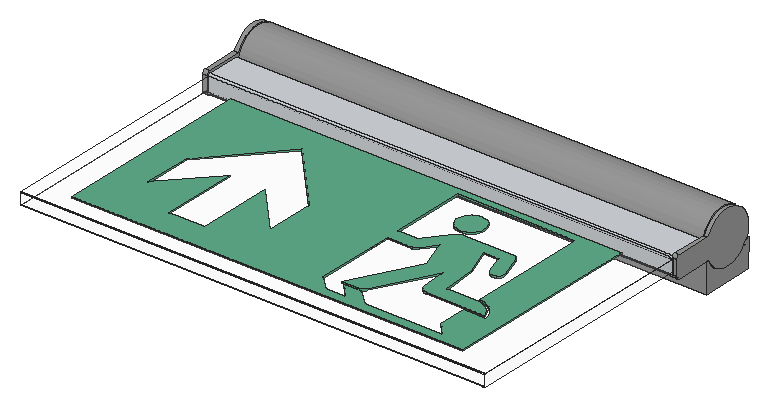
Revit family "0032000", category Lighting Fixtures, host Face, Revit 2017
Family settings
  Host = Face
  Round Connector Dimension = Use Diameter
  Part Type = Normal
  OmniClass Number = 23.80.70.00
  OmniClass Title = Lighting
  Cut with Voids When Loaded = No
  Light Source = No
  Shared = No
  Room Calculation Point = No
Parameters (values of type "0032000 START EM EXIT SURFACE MT M 3H Arrow Up")
  Width_SYL = 34 mm
  Weight = "n/a"
  Wattage Comments = ""
  WarrantyStartDate [instance] = "n/a"
  WarrantyGuarantorParts = "n/a"
  WarrantyDurationUnit = "n/a"
  WarrantyDurationParts = "n/a"
  WarrantyDescription = "n/a"
  Voltage = 230 V
  URL = "http://www.sylvania-lighting.com"
  TypeName = "START Emergency Exit Surface MT M 3h"
  Type Image = <None>
  Type Comments = "n/a"
  SerialNumber [instance] = "n/a"
  RotationAngle_SYL [instance] = -90.00°
  RotatableArmThickness_SYL = 3 mm
  RadiusBody_SYL = Width_SYL / 2  # 17 mm
  Material_3_SYL = none
  PowerFactor = 0.49
  PowerConsumption = "2.0 W"
  NominalLength = 0 mm
  NominalHeight = 0 mm
  NominalDepth = 0 mm
  Name = "START Emergency Exit Surface MT M 3h"
  ModelReference = Name  # "START Emergency Exit Surface MT M 3h"
  ModelNumber = "0032000"
  Model = Name  # "START Emergency Exit Surface MT M 3h"
  Material = "n/a"
  ManufacturerName = "Feilo Sylvania"
  Manufacturer = "Feilo Sylvania"
  LuminousEfficacy = "12 lm/W"
  LuminaireType = ""
  LightOutputRatio = "n/a"
  Length_SYL = 308 mm
  LampsType = Lamp  # "LED"
  LampNominalLuminous = "24 lm"
  LampMacAdamStep = "n/a"
  LampColourTemperature = "6500 K"
  LampColourRenderingIndex = "70"
  Lamp = "LED"
  Keynote = "16500"
  InstallationDate [instance] = "n/a"
  InputVoltage = "220-240V~"
  InputNominalFrequency = "50/60 Hz"
  IngressProtection = "IP20"
  ImpactProtectionIndex = "IK02"
  IfcExportType = "IfcLightFixtureType"
  IfcExportAs = "IfcLightFixtureType"
  EndAngle_SYL [instance] = RotationAngle_SYL + 180.00°  # 90.00°
  ElectricShockClassification = "Class II"
  DurationUnit = "hours"
  DocumentationLiterature = "http://www.sylvania-lighting.com/product/en-int/products/0032000"
  DimmingControlOptions = "Non dimmable"
  Material_2_SYL = none
  Description = ""
  Default Elevation = 1219.2 mm
  CreatedOn = "1/24/2019"
  CreatedBy = "@sylvania-lighting.com"
  Cost = 0
  built-in parameter 1114216 [instance] = (empty or 0)
  ClassificationValue = "EF_70_80"
  ClassificationName = "Uniclass2015"
  Material_1_SYL = PC/ABS Plastic
  BarCode [instance] = "n/a"
  AssetType = "Fixed"
  AssetIdentifier [instance] = "n/a"
  Assembly Code = "D5020200"
  ArrowDirection_SYL = Tiltable EXIT Sign : Exit Arrow Up
  Apparent Load = 2 VA
  Material_4_SYL = none
Types (4, lengths in mm): name | ArrowDirection_SYL
  0032000 START EM EXIT SURFACE MT M 3H Arrow Right | Tiltable EXIT Sign : Exit Arrow Right
  0032000 START EM EXIT SURFACE MT M 3H Arrow Left | Tiltable EXIT Sign : Exit Arrow Left
  0032000 START EM EXIT SURFACE MT M 3H Arrow Up | Tiltable EXIT Sign : Exit Arrow Up
  0032000 START EM EXIT SURFACE MT M 3H Arrow Down | Tiltable EXIT Sign : Exit Arrow Down
Reference planes
  plane 1 "Center (Front/Back)": y = 0
  plane 2: z = 0
  plane 3 "Center (Left/Right)": x = 0
  plane 4: y = 17
  plane 5: y = -17
  plane 6: z = 25.937
  plane 7: x = -154
  plane 8: x = 154
  plane 9: x = -151
  plane 10: x = 151
  plane 11: z = 18.937
Forms (mm)
  Extrusion 1, solid, material "PC/ABS Plastic" <- "Material_1_SYL"
    sketch origin (0, 0, 0) x (0, 1, 0) y (0, 0, 1)
      loop
        line (-17, 0) -> (17, 0) -> (17, 25.937)
        arc (17, 25.937) -> (0, 42.937) -> (-17, 25.937) r 17
        line (-17, 25.937) -> (-17, 0)
    from -154 to 154
  Extrusion 2, void
    sketch origin (0, 0, 0) x (0, 1, 0) y (0, 0, 1)
      loop
        arc (-15.492, 18.937) -> (0, 8.937) -> (15.492, 18.937) r 17
        line (15.492, 18.937) -> (17, 18.937) -> (17, 25.937)
        arc (17, 25.937) -> (0, 42.937) -> (-17, 25.937) r 17
        line (-17, 25.937) -> (-17, 18.937) -> (-15.492, 18.937)
    from 151 to 154
  Extrusion 3, void
    sketch origin (0, 0, 0) x (0, 1, 0) y (0, 0, 1)
      loop
        arc (-15.492, 18.937) -> (0, 8.937) -> (15.492, 18.937) r 17
        line (15.492, 18.937) -> (17, 18.937) -> (17, 25.937)
        arc (17, 25.937) -> (0, 42.937) -> (-17, 25.937) r 17
        line (-17, 25.937) -> (-17, 18.937) -> (-15.492, 18.937)
    from -154 to -151
  Revolve 4, solid, not visible
    sketch origin (0, 1219.2, 25.937) x (1, 0, 0) y (0, 1, 0)
      loop
        line (0, -1219.2) -> (0, -1209.2) -> (-54.574, -1209.2) -> (-54.574, -1219.2) -> (0, -1219.2)
      axis (0, -1219.2) -> (-54.574, -1219.2)
    angle from -90 <- "RotationAngle_SYL" to 90 <- "EndAngle_SYL"
Cuts and joins
  Extrusion 2, Extrusion 3 cuts Extrusion 1
Lines and regions (mm)
  reference lines
    curve 1: circle (0, 0, 25.937) r 17 normal (1, 0, 0)
Dimensions and locks
  locked: plane 6 to plane 2 at 25.938
  equal spacing: plane 5, plane 1 "Center (Front/Back)", plane 4
  "Width_SYL": plane 5 to plane 4
  equal spacing: plane 8, plane 3 "Center (Left/Right)", plane 7
  equal spacing: plane 10, plane 3 "Center (Left/Right)", plane 9
  "Length_SYL": plane 8 to plane 7
  "RotatableArmThickness_SYL": plane 9 to plane 7
  locked: plane 11 to plane 6 at 7
  "RadiusBody_SYL": radius of curve 1
  aligned and locked: plane 2 to host face
  aligned and locked: level to host face
  aligned and locked: plane 1 "Center (Front/Back)" to curve 1
  aligned and locked: plane 6 to curve 1
  aligned and locked: Extrusion 1 sketch curve to level
  aligned and locked: Extrusion 1 sketch curve to plane 4
  aligned and locked: Extrusion 1 sketch curve to curve 1
  aligned and locked: plane 8 to Extrusion 1
  aligned and locked: Extrusion 1 to plane 7
  aligned and locked: plane 8 to Extrusion 2
  aligned and locked: Extrusion 2 to plane 10
  aligned and locked: Extrusion 3 to plane 7
  aligned and locked: plane 9 to Extrusion 3
  aligned and locked: Extrusion 3 sketch curve to curve 1
  aligned and locked: Extrusion 3 sketch curve to plane 4
  aligned and locked: Extrusion 3 sketch curve to plane 5
  aligned and locked: Extrusion 3 sketch curve to plane 11
  aligned and locked: Extrusion 2 sketch curve to curve 1
  aligned and locked: Extrusion 2 sketch curve to plane 4
  aligned and locked: Extrusion 2 sketch curve to plane 5
  aligned and locked: Extrusion 2 sketch curve to plane 11
  aligned and locked: plane 11 to Extrusion 2 sketch curve
  aligned and locked: Extrusion 2 sketch curve to cut or joined group of Extrusion 1, Extrusion 2, Extrusion 3
  aligned and locked: Revolve 4 sketch curve to plane 1 "Center (Front/Back)"
  aligned and locked: Revolve 4 sketch curve to curve 1  (x2)
  aligned and locked: plane 3 "Center (Left/Right)" to Revolve 4
Automatic sketch dimensions
  host sketch curve to host sketch curve = 2438.4 mm  (x2)
  plane 6 to Extrusion 1 sketch curve = 0 mm
  plane 11 to Extrusion 3 sketch curve = 0 mm  (x2)
  Extrusion 3 sketch curve to plane 6 = 0 mm
  Extrusion 3 sketch curve to Extrusion 3 sketch curve = 0 mm
  plane 1 "Center (Front/Back)" to Revolve 4 sketch curve = 0 mm
  Revolve 4 sketch curve to plane 3 "Center (Left/Right)" = 54.574 mm
  plane 4 to Revolve 4 sketch curve = 7 mm
  Revolve 4 sketch curve to plane 7 = 1370 mm
  plane 8 to Revolve 4 sketch curve = 1370 mm
Nested families
  nested 1: "Tiltable EXIT Sign" at (0, 0, 25.938) x (-1, 0, 0) z (0, -1, 0), type <- "ArrowDirection_SYL", type "Exit Arrow Up"
    with built-in parameter 1114216 (empty or 0)
Definition of nested family "Tiltable EXIT Sign"
  Parameters (values of type "Exit Arrow Down")
    WidthArmSign_SYL = 34 mm
    Wattage Comments = "n/a"
    Wattage = 2 W
    built-in parameter 1150110 = 1 (stored number, unit not read)
    Up_SYL = no
    URL = "http://www.sylvania-lighting.com"
    Type Image = (empty or 0)
    Type Comments = "n/a"
    built-in parameter 1114217 = 1 (stored number, unit not read)
    ThicknessLabel_SYL = 0.8 mm
    ThicknessArmSign_SYL = 3 mm
    built-in parameter 1150109 = 1 (stored number, unit not read)
    built-in parameter 1150134 = 1
    built-in parameter 1150113 = 1 (stored number, unit not read)
    Right_SYL = no
    RadiusArmSign_SYL = WidthArmSign_SYL / 2  # 17 mm
    Material_3_SYL = none
    Model = ""
    Manufacturer = "Feilo Sylvania"
    built-in parameter 1150105 = 7.6394 (stored number, unit not read)
    Lumens = 24 lm
    built-in parameter 1150115 = 1 (stored number, unit not read)
    Light Source Symbol Size = 100 mm
    built-in parameter 1150137 = (empty or 0)
    built-in parameter 1150139 = (empty or 0)
    LengthSign_SYL = 308 mm
    Left_SYL = no
    built-in parameter 1150112 = 1 (stored number, unit not read)
    built-in parameter 1150114 = 1 (stored number, unit not read)
    Lamp = "LED"
    Keynote = "16500"
    Material_2_SYL = none
    built-in parameter 1150132 = (empty or 0)
    built-in parameter 1150102 = (empty or 0)
    built-in parameter 1150107 = 6500 (stored number, unit not read)
    built-in parameter 1150138 = (empty or 0)
    built-in parameter 1150106 = 0.076394 (stored number, unit not read)
    Emit from Line Length = LengthSign_SYL - 2 * ThicknessArmSign_SYL  # 302 mm
    built-in parameter 1150104 = 1.1148 (stored number, unit not read)
    Down_SYL = yes
    Dimming Lamp Color Temperature Shift = (empty or 0)
    Description = ""
    Default Elevation = 1219.2 mm
    Cost = 0
    Color Filter = 16777215
    built-in parameter 1114216 [instance] = (empty or 0)
    Material_1_SYL = none
    built-in parameter 1114218 = 1 (stored number, unit not read)
    built-in parameter 1150133 = 10 (stored number, unit not read)
    Assembly Code = "D5020200"
    Apparent Load = 0 VA
    Material_4_SYL = none
  Types (4, lengths in mm): name | Up_SYL | Right_SYL | Left_SYL | Down_SYL | Apparent Load
    Exit Arrow Right | no | yes | no | no | 2.2 VA
    Exit Arrow Left | no | no | yes | no | 2.2 VA
    Exit Arrow Up | yes | no | no | no | 2.2 VA
    Exit Arrow Down | no | no | no | yes | 0 VA
  Reference planes
    plane 1 "Center (Front/Back)": y = 0
    plane 2: z = 0
    plane 3 "Center (Left/Right)": x = 0
    plane 4: x = 154
    plane 5: x = -154
    plane 6: x = -151
    plane 7: x = 151
    plane 8: y = 17
    plane 9: y = -17
    plane 10: y = -7
    plane 11: y = 7
    plane 12: z = 40.75
    plane 13: z = 192.937
    plane 14: y = 4
    plane 15: y = -4
    plane 16: z = 17.812
    plane 17: y = -6
    plane 18: y = 6
    plane 19: x = -127
    plane 20: x = 127
    plane 21: z = 116.844
    plane 22: z = 181.344
    plane 23: z = 52.344
    plane 24: x = 69
    plane 25: y = -4.8
  Forms (mm)
    Extrusion 1, solid
      sketch origin (4.2, 0, 0) x (1, 0, 0) y (0, 1, 0)
        loop
          line (-1219.2, 1219.2) -> (-1219.2, -1219.2) -> (1219.2, -1219.2) -> (1219.2, 1219.2) -> (-1219.2, 1219.2)
      from 0 to -68.017
    Extrusion 2, solid, material <- "Material_1_SYL"
      sketch origin (0, 0, 0) x (0, 1, 0) y (0, 0, 1)
        loop
          arc (-7, 15.492) -> (0, -17) -> (7, 15.492) r 17
          line (7, 15.492) -> (7, 38.75)
          arc (7, 38.75) -> (6.414, 40.164) -> (5, 40.75) r 2
          line (5, 40.75) -> (-5, 40.75)
          arc (-5, 40.75) -> (-6.414, 40.164) -> (-7, 38.75) r 2
          line (-7, 38.75) -> (-7, 15.492)
      from 151 to 154
    Extrusion 3, solid, material <- "Material_1_SYL"
      sketch origin (0, 0, 0) x (0, 1, 0) y (0, 0, 1)
        loop
          line (7, 15.492) -> (7, 38.75)
          arc (7, 38.75) -> (6.414, 40.164) -> (5, 40.75) r 2
          line (5, 40.75) -> (-5, 40.75)
          arc (-5, 40.75) -> (-6.414, 40.164) -> (-7, 38.75) r 2
          line (-7, 38.75) -> (-7, 15.492)
          arc (-7, 15.492) -> (0, -17) -> (7, 15.492) r 17
      from -154 to -151
    Extrusion 4, solid
      sketch origin (0, 0, 0) x (0, 1, 0) y (0, 0, 1)
        loop
          arc (-5, 40.75) -> (-5.707, 40.457) -> (-6, 39.75) r 1
          line (-6, 39.75) -> (-6, 17.812) -> (6, 17.812) -> (6, 39.75)
          arc (6, 39.75) -> (5.707, 40.457) -> (5, 40.75) r 1
          line (5, 40.75) -> (-5, 40.75)
      from -151 to 151
    Extrusion 5, solid, material <- "Material_3_SYL"
      sketch origin (0, 0, 0) x (0, 1, 0) y (0, 0, 1)
        loop
          line (-4, 40.75) -> (4, 40.75) -> (4, 192.437)
          arc (4, 192.437) -> (3.854, 192.791) -> (3.5, 192.937) r 0.5
          line (3.5, 192.937) -> (-3.5, 192.937)
          arc (-3.5, 192.937) -> (-3.854, 192.791) -> (-4, 192.437) r 0.5
          line (-4, 192.437) -> (-4, 40.75)
      from -151 to 151
    Extrusion 6, solid, material <- "Material_2_SYL", visible <- "Left_SYL"
      sketch origin (351.989, -4, 160.163) x (0, 0, -1) y (1, 0, 0)
        loop
          circle (83.224, -400.985) r 8.928
        loop
          line (103.064, -376.624) -> (54.298, -376.624) -> (54.298, -389.842) -> (68.839, -400.8)
          arc (68.839, -400.8) -> (70.752, -403.1) -> (71.438, -406.013) r 6.527
          line (71.438, -406.013) -> (71.438, -437.202)
          arc (71.438, -437.202) -> (70.533, -440.07) -> (68.148, -441.9) r 5
          line (68.148, -441.9) -> (54.122, -447.006)
          arc (54.122, -447.006) -> (48.704, -444.479) -> (51.23, -439.062) r 4.227
          line (51.23, -439.062) -> (63.917, -434.444) -> (63.917, -424.745) -> (45.498, -431.449) -> (22.611, -433.451) -> (22.611, -453.451)
          arc (22.611, -453.451) -> (20.093, -461.05) -> (13.536, -465.642) r 12.726
          line (13.536, -465.642) -> (13.536, -427.917)
          arc (13.536, -427.917) -> (14.85, -424.539) -> (18.101, -422.936) r 5
          line (18.101, -422.936) -> (34.389, -421.511) -> (-1.786, -402.276)
          arc (-1.786, -402.276) -> (-3.724, -400.437) -> (-4.439, -397.862) r 5
          line (-4.439, -397.862) -> (-4.439, -387.433) -> (36.957, -409.444) -> (56.364, -402.38) -> (48.001, -396.079)
          arc (48.001, -396.079) -> (46.372, -394.119) -> (45.788, -391.639) r 5.559
          line (45.788, -391.639) -> (45.788, -376.624) -> (-6.717, -376.624) -> (-15.183, -385.09) -> (-15.183, -398.574) -> (-6.18, -389.57) -> (-6.18, -399.078)
          arc (-6.18, -399.078) -> (-6.609, -401.235) -> (-7.83, -403.063) r 5.636
          line (-7.83, -403.063) -> (-15.183, -410.416) -> (-15.183, -461.609) -> (-7.025, -453.451) -> (11.73, -453.451) -> (11.73, -468.109)
          arc (11.73, -468.109) -> (20.743, -463.076) -> (24.473, -453.451) r 15.223
          line (24.473, -453.451) -> (103.064, -453.451) -> (103.064, -376.624)
        loop
          line (107.819, -224.989) -> (-21.181, -224.989) -> (-21.181, -478.989) -> (107.819, -478.989) -> (107.819, -224.989)
        loop
          line (54.815, -332.184) -> (54.815, -282.989) -> (82.944, -314.229) -> (82.944, -282.989) -> (43.319, -238.982) -> (3.695, -282.989) -> (3.695, -314.229) -> (31.823, -282.989) -> (31.823, -332.184) -> (54.815, -332.184)
      from 0 to 0.8
    Extrusion 7, solid, material <- "Material_2_SYL", visible <- "Up_SYL"
      sketch origin (0, -4, -609.6) x (0, 0, -1) y (1, 0, 0)
        loop
          line (-784.946, -33.101) -> (-784.946, -46.585) -> (-775.943, -37.581) -> (-775.943, -47.089)
          arc (-775.943, -47.089) -> (-776.372, -49.246) -> (-777.593, -51.074) r 5.636
          line (-777.593, -51.074) -> (-784.946, -58.427) -> (-784.946, -109.62) -> (-776.788, -101.462) -> (-758.032, -101.462) -> (-758.032, -116.12)
          arc (-758.032, -116.12) -> (-749.02, -111.087) -> (-745.29, -101.462) r 15.223
          line (-745.29, -101.462) -> (-666.699, -101.462) -> (-666.699, -24.635) -> (-715.465, -24.635) -> (-715.465, -37.853) -> (-700.924, -48.811)
          arc (-700.924, -48.811) -> (-699.011, -51.111) -> (-698.325, -54.024) r 6.527
          line (-698.325, -54.024) -> (-698.325, -85.213)
          arc (-698.325, -85.213) -> (-699.23, -88.081) -> (-701.615, -89.912) r 5
          line (-701.615, -89.912) -> (-715.641, -95.017)
          arc (-715.641, -95.017) -> (-721.059, -92.49) -> (-718.533, -87.073) r 4.227
          line (-718.533, -87.073) -> (-705.846, -82.455) -> (-705.846, -72.756) -> (-724.265, -79.46) -> (-747.152, -81.462) -> (-747.152, -101.462)
          arc (-747.152, -101.462) -> (-749.67, -109.061) -> (-756.227, -113.653) r 12.726
          line (-756.227, -113.653) -> (-756.227, -75.928)
          arc (-756.227, -75.928) -> (-754.913, -72.55) -> (-751.662, -70.947) r 5
          line (-751.662, -70.947) -> (-735.374, -69.522) -> (-771.549, -50.287)
          arc (-771.549, -50.287) -> (-773.487, -48.448) -> (-774.202, -45.873) r 5
          line (-774.202, -45.873) -> (-774.202, -35.444) -> (-732.806, -57.455) -> (-713.399, -50.391) -> (-721.762, -44.09)
          arc (-721.762, -44.09) -> (-723.391, -42.13) -> (-723.975, -39.65) r 5.559
          line (-723.975, -39.65) -> (-723.975, -24.635) -> (-776.48, -24.635) -> (-784.946, -33.101)
        loop
          circle (-686.539, -48.996) r 8.928
        loop
          line (-723.85, 77.902) -> (-773.045, 77.902) -> (-773.045, 54.91) -> (-723.85, 54.91) -> (-755.09, 26.782) -> (-723.85, 26.782) -> (-679.843, 66.406) -> (-723.85, 106.031) -> (-755.09, 106.031) -> (-723.85, 77.902)
        loop
          line (-790.944, -127) -> (-661.944, -127) -> (-661.944, 127) -> (-790.944, 127) -> (-790.944, -127)
      from 0 to 0.8
    Extrusion 8, solid, material <- "Material_2_SYL", visible <- "Down_SYL"
      sketch origin (0, -4, -609.6) x (0, 0, -1) y (1, 0, 0)
        loop
          line (-715.465, -37.853) -> (-700.924, -48.811)
          arc (-700.924, -48.811) -> (-699.011, -51.111) -> (-698.325, -54.024) r 6.527
          line (-698.325, -54.024) -> (-698.325, -85.213)
          arc (-698.325, -85.213) -> (-699.23, -88.081) -> (-701.615, -89.912) r 5
          line (-701.615, -89.912) -> (-715.641, -95.017)
          arc (-715.641, -95.017) -> (-721.059, -92.49) -> (-718.533, -87.073) r 4.227
          line (-718.533, -87.073) -> (-705.846, -82.455) -> (-705.846, -72.756) -> (-724.265, -79.46) -> (-747.152, -81.462) -> (-747.152, -101.462)
          arc (-747.152, -101.462) -> (-749.67, -109.061) -> (-756.227, -113.653) r 12.726
          line (-756.227, -113.653) -> (-756.227, -75.928)
          arc (-756.227, -75.928) -> (-754.913, -72.55) -> (-751.662, -70.947) r 5
          line (-751.662, -70.947) -> (-735.374, -69.522) -> (-771.549, -50.287)
          arc (-771.549, -50.287) -> (-773.487, -48.448) -> (-774.202, -45.873) r 5
          line (-774.202, -45.873) -> (-774.202, -35.444) -> (-732.806, -57.455) -> (-713.399, -50.391) -> (-721.762, -44.09)
          arc (-721.762, -44.09) -> (-723.391, -42.13) -> (-723.975, -39.65) r 5.559
          line (-723.975, -39.65) -> (-723.975, -24.635) -> (-776.48, -24.635) -> (-784.946, -33.101) -> (-784.946, -46.585) -> (-775.943, -37.581) -> (-775.943, -47.089)
          arc (-775.943, -47.089) -> (-776.372, -49.246) -> (-777.593, -51.074) r 5.636
          line (-777.593, -51.074) -> (-784.946, -58.427) -> (-784.946, -109.62) -> (-776.788, -101.462) -> (-758.032, -101.462) -> (-758.032, -116.12)
          arc (-758.032, -116.12) -> (-749.02, -111.087) -> (-745.29, -101.462) r 15.223
          line (-745.29, -101.462) -> (-666.699, -101.462) -> (-666.699, -24.635) -> (-715.465, -24.635) -> (-715.465, -37.853)
        loop
          circle (-686.539, -48.996) r 8.928
        loop
          line (-790.944, -127) -> (-661.944, -127) -> (-661.944, 127) -> (-790.944, 127) -> (-790.944, -127)
        loop
          line (-679.843, 54.91) -> (-679.843, 77.902) -> (-729.038, 77.902) -> (-697.798, 106.031) -> (-729.038, 106.031) -> (-773.045, 66.406) -> (-729.038, 26.782) -> (-697.798, 26.782) -> (-729.038, 54.91) -> (-679.843, 54.91)
      from 0 to 0.8
    Extrusion 9, solid, material <- "Material_2_SYL", visible <- "Right_SYL"
      sketch origin (0, -4, -609.6) x (0, 0, -1) y (1, 0, 0)
        loop
          line (-732.806, 57.455) -> (-774.202, 35.444) -> (-774.202, 45.873)
          arc (-774.202, 45.873) -> (-773.487, 48.448) -> (-771.549, 50.287) r 5
          line (-771.549, 50.287) -> (-735.374, 69.522) -> (-751.662, 70.947)
          arc (-751.662, 70.947) -> (-754.913, 72.55) -> (-756.227, 75.928) r 5
          line (-756.227, 75.928) -> (-756.227, 113.653)
          arc (-756.227, 113.653) -> (-749.67, 109.061) -> (-747.152, 101.462) r 12.726
          line (-747.152, 101.462) -> (-747.152, 81.462) -> (-724.265, 79.46) -> (-705.846, 72.756) -> (-705.846, 82.455) -> (-718.533, 87.073)
          arc (-718.533, 87.073) -> (-721.059, 92.49) -> (-715.641, 95.017) r 4.227
          line (-715.641, 95.017) -> (-701.615, 89.912)
          arc (-701.615, 89.912) -> (-699.23, 88.081) -> (-698.325, 85.213) r 5
          line (-698.325, 85.213) -> (-698.325, 54.024)
          arc (-698.325, 54.024) -> (-699.011, 51.111) -> (-700.924, 48.811) r 6.527
          line (-700.924, 48.811) -> (-715.465, 37.853) -> (-715.465, 24.635) -> (-666.699, 24.635) -> (-666.699, 101.462) -> (-745.29, 101.462)
          arc (-745.29, 101.462) -> (-749.02, 111.087) -> (-758.032, 116.12) r 15.223
          line (-758.032, 116.12) -> (-758.032, 101.462) -> (-776.788, 101.462) -> (-784.946, 109.62) -> (-784.946, 58.427) -> (-777.593, 51.074)
          arc (-777.593, 51.074) -> (-776.372, 49.246) -> (-775.943, 47.089) r 5.636
          line (-775.943, 47.089) -> (-775.943, 37.581) -> (-784.946, 46.585) -> (-784.946, 33.101) -> (-776.48, 24.635) -> (-723.975, 24.635) -> (-723.975, 39.65)
          arc (-723.975, 39.65) -> (-723.391, 42.13) -> (-721.762, 44.09) r 5.559
          line (-721.762, 44.09) -> (-713.399, 50.391) -> (-732.806, 57.455)
        loop
          circle (-686.539, 48.996) r 8.928
        loop
          line (-766.068, -37.76) -> (-766.068, -69) -> (-726.444, -113.007) -> (-686.819, -69) -> (-686.819, -37.76) -> (-714.948, -69) -> (-714.948, -19.805) -> (-737.94, -19.805) -> (-737.94, -69) -> (-766.068, -37.76)
        loop
          line (-790.944, -127) -> (-661.944, -127) -> (-661.944, 127) -> (-790.944, 127) -> (-790.944, -127)
      from 0 to 0.8
  Lines and regions (mm)
    reference lines
      curve 1: circle (0, 0, 0) r 17 normal (1, 0, 0)
  Dimensions and locks
    equal spacing: plane 4, plane 3 "Center (Left/Right)", plane 5
    "LengthSign_SYL": plane 4 to plane 5
    equal spacing: plane 7, plane 3 "Center (Left/Right)", plane 6
    "ThicknessArmSign_SYL": plane 6 to plane 5
    equal spacing: plane 9, plane 1 "Center (Front/Back)", plane 8
    "WidthArmSign_SYL": plane 9 to plane 8
    equal spacing: plane 10, plane 1 "Center (Front/Back)", plane 11
    locked: plane 10 to plane 11 at 14
    equal spacing: plane 15, plane 1 "Center (Front/Back)", plane 14
    locked: plane 15 to plane 14 at 8
    locked: plane 12 to plane 2 at 40.75
    locked: plane 16 to plane 12 at 22.937
    equal spacing: plane 17, plane 1 "Center (Front/Back)", plane 18
    locked: plane 10 to plane 17 at 1
    equal spacing: plane 13, plane 21, plane 12
    equal spacing: plane 20, plane 3 "Center (Left/Right)", plane 19
    locked: plane 20 to plane 19 at 254
    equal spacing: plane 22, plane 21, plane 23
    locked: plane 22 to plane 23 at 129
    locked: plane 20 to plane 24 at 58
    "ThicknessLabel_SYL": plane 25 to plane 15
    "RadiusArmSign_SYL": radius of curve 1
    aligned and locked: plane 2 to Extrusion 1
    aligned and locked: level to Extrusion 1
    aligned and locked: plane 1 "Center (Front/Back)" to curve 1
    aligned and locked: plane 2 to curve 1
    aligned and locked: Extrusion 2 sketch curve to curve 1
    aligned and locked: Extrusion 2 sketch curve to plane 11
    aligned and locked: Extrusion 2 sketch curve to plane 10
    aligned and locked: Extrusion 2 sketch curve to plane 12
    aligned and locked: plane 4 to Extrusion 2
    aligned and locked: Extrusion 2 to plane 7
    aligned and locked: Extrusion 3 sketch curve to Extrusion 2  (x4)
    aligned and locked: Extrusion 3 to plane 5
    aligned and locked: plane 6 to Extrusion 3
    aligned and locked: plane 12 to Extrusion 4 sketch curve
    aligned and locked: Extrusion 4 sketch curve to plane 17
    aligned and locked: Extrusion 4 sketch curve to plane 16
    aligned and locked: plane 18 to Extrusion 4 sketch curve
    aligned and locked: plane 7 to Extrusion 4
    aligned and locked: Extrusion 4 to plane 6
    aligned and locked: plane 12 to Extrusion 5 sketch curve
    aligned and locked: plane 15 to Extrusion 5 sketch curve
    aligned and locked: Extrusion 5 sketch curve to plane 13
    aligned and locked: Extrusion 5 sketch curve to plane 14
    aligned and locked: plane 7 to Extrusion 5
    aligned and locked: Extrusion 5 to plane 6
    aligned and locked: Extrusion 6 to plane 22
    aligned and locked: Extrusion 6 to plane 19
    aligned and locked: plane 20 to Extrusion 6
    aligned and locked: plane 23 to Extrusion 6
    aligned and locked: plane 24 to Extrusion 6 sketch curve
    aligned and locked: plane 21 to Extrusion 6 sketch curve
    aligned and locked: Extrusion 7 sketch curve to Extrusion 6  (x13)
    aligned and locked: Extrusion 6 to Extrusion 7
    aligned and locked: Extrusion 7 to plane 15
    aligned and locked: plane 19 to Extrusion 7 sketch curve
    aligned and locked: plane 22 to Extrusion 7 sketch curve
    aligned and locked: Extrusion 7 sketch curve to plane 23
    aligned and locked: Extrusion 7 sketch curve to plane 20
    aligned and locked: plane 25 to Extrusion 7
    aligned and locked: Extrusion 7 to Extrusion 5
    aligned and locked: Extrusion 8 sketch curve to Extrusion 7  (x37)
    aligned and locked: Extrusion 8 to plane 15
    aligned and locked: plane 25 to Extrusion 8
    aligned and locked: Extrusion 9 sketch curve to Extrusion 6  (x4)
    aligned and locked: Extrusion 9 to plane 15
    aligned and locked: Extrusion 9 to Extrusion 5
    aligned and locked: plane 25 to Extrusion 9
    aligned and locked: plane 12 to imposter light
    aligned and locked: plane 3 "Center (Left/Right)" to imposter light
    aligned and locked: plane 1 "Center (Front/Back)" to imposter light
  Automatic sketch dimensions
    Extrusion 1 sketch curve to Extrusion 1 sketch curve = 2438.4 mm  (x2)
    plane 15 to Extrusion 2 sketch curve = 1 mm
    Extrusion 2 sketch curve to plane 14 = 1 mm
    plane 12 to Extrusion 4 sketch curve = 1 mm
    Extrusion 4 sketch curve to plane 14 = 1 mm
    Extrusion 5 sketch curve to Extrusion 5 sketch curve = 0.5 mm  (x2)
    Extrusion 5 to Extrusion 6 sketch curve = 69.231 mm
    Extrusion 6 sketch curve to Extrusion 6 sketch curve = 2.568 mm
    Extrusion 6 sketch curve to Extrusion 6 sketch curve = 11.496 mm
    Extrusion 6 sketch curve to Extrusion 6 sketch curve = 9.916 mm
    Extrusion 6 sketch curve to Extrusion 6 sketch curve = 1.862 mm
    Extrusion 6 sketch curve to Extrusion 6 sketch curve = 4.075 mm
    Extrusion 6 sketch curve to Extrusion 6 sketch curve = 0.436 mm
    Extrusion 6 sketch curve to Extrusion 6 sketch curve = 9.075 mm
    Extrusion 6 sketch curve to Extrusion 6 sketch curve = 10.88 mm
    Extrusion 6 sketch curve to Extrusion 6 sketch curve = 1.845 mm
    Extrusion 6 sketch curve to Extrusion 6 sketch curve = 0.631 mm
    Extrusion 6 sketch curve to Extrusion 6 sketch curve = 28.129 mm  (x2)
    Extrusion 6 sketch curve to Extrusion 6 sketch curve = 17.539 mm
    Extrusion 6 sketch curve to Extrusion 6 sketch curve = 2.347 mm
    Extrusion 6 sketch curve to Extrusion 6 sketch curve = 5 mm  (x2)
    Extrusion 6 sketch curve to Extrusion 6 sketch curve = 1.741 mm
    Extrusion 6 sketch curve to Extrusion 6 sketch curve = 2.278 mm
    Extrusion 6 sketch curve to Extrusion 6 sketch curve = 16.279 mm
    Extrusion 6 sketch curve to Extrusion 6 sketch curve = 1.651 mm
    Extrusion 6 sketch curve to Extrusion 6 sketch curve = 3.985 mm
    Extrusion 6 sketch curve to Extrusion 6 sketch curve = 8.158 mm  (x2)
    Extrusion 6 sketch curve to Extrusion 6 sketch curve = 3.367 mm
    Extrusion 5 to Extrusion 6 sketch curve = 11.094 mm
    Extrusion 6 sketch curve to Extrusion 6 sketch curve = 11.109 mm
    Extrusion 6 sketch curve to Extrusion 6 sketch curve = 8.831 mm
    Extrusion 6 sketch curve to Extrusion 6 sketch curve = 2.214 mm
    Extrusion 6 sketch curve to Extrusion 6 sketch curve = 5.733 mm
    Extrusion 6 sketch curve to Extrusion 6 sketch curve = 3.346 mm
    Extrusion 6 sketch curve to Extrusion 6 sketch curve = 1.446 mm  (x2)
    Extrusion 6 sketch curve to Extrusion 6 sketch curve = 2.95 mm
    Extrusion 6 sketch curve to Extrusion 6 sketch curve = 22.992 mm
    Extrusion 6 sketch curve to Extrusion 6 sketch curve = 8.362 mm
    Extrusion 6 sketch curve to Extrusion 6 sketch curve = 12.686 mm
    Extrusion 6 sketch curve to Extrusion 6 sketch curve = 8.547 mm
    Extrusion 6 sketch curve to Extrusion 6 sketch curve = 2.521 mm
    Extrusion 6 sketch curve to Extrusion 6 sketch curve = 1.71 mm
    Extrusion 6 sketch curve to Extrusion 6 sketch curve = 3.928 mm
    Extrusion 6 sketch curve to Extrusion 6 sketch curve = 11.787 mm
    Extrusion 6 sketch curve to Extrusion 5 = 16.349 mm
    Extrusion 6 sketch curve to Extrusion 5 = 11.594 mm
    Extrusion 6 sketch curve to Extrusion 6 sketch curve = 0 mm  (x5)
    Extrusion 6 sketch curve to Extrusion 6 sketch curve = 31.24 mm  (x2)
    Extrusion 6 sketch curve to Extrusion 6 sketch curve = 62.395 mm
    Extrusion 6 sketch curve to Extrusion 6 sketch curve = 8.466 mm
    Extrusion 6 sketch curve to Extrusion 6 sketch curve = 2.343 mm
    Extrusion 6 sketch curve to Extrusion 6 sketch curve = 2.137 mm
    Extrusion 6 sketch curve to Extrusion 6 sketch curve = 13.219 mm
    Extrusion 6 sketch curve to Extrusion 6 sketch curve = 1.796 mm
    Extrusion 6 sketch curve to Extrusion 6 sketch curve = 8.291 mm
    Extrusion 6 sketch curve to Extrusion 6 sketch curve = 0.712 mm
    Extrusion 6 sketch curve to Extrusion 6 sketch curve = 1.216 mm
    Extrusion 6 sketch curve to Extrusion 6 sketch curve = 10.957 mm
    Extrusion 6 sketch curve to Extrusion 6 sketch curve = 5.027 mm
    Extrusion 6 sketch curve to Extrusion 6 sketch curve = 3.633 mm
    Extrusion 6 sketch curve to Extrusion 6 sketch curve = 13.365 mm
    Extrusion 6 sketch curve to Extrusion 6 sketch curve = 7.353 mm
    Extrusion 6 sketch curve to Extrusion 6 sketch curve = 12.067 mm
    Extrusion 6 sketch curve to Extrusion 6 sketch curve = 1.425 mm
    Extrusion 6 sketch curve to Extrusion 6 sketch curve = 18.732 mm
    Extrusion 6 sketch curve to Extrusion 6 sketch curve = 9.938 mm
    Extrusion 6 sketch curve to Extrusion 6 sketch curve = 5.534 mm
    Extrusion 6 sketch curve to Extrusion 6 sketch curve = 9.699 mm
    Extrusion 6 sketch curve to Extrusion 6 sketch curve = 2.758 mm
    Extrusion 6 sketch curve to Extrusion 6 sketch curve = 7.613 mm
    Extrusion 6 sketch curve to Extrusion 6 sketch curve = 3.972 mm
    Extrusion 6 sketch curve to Extrusion 6 sketch curve = 19.638 mm
    Extrusion 6 sketch curve to Extrusion 6 sketch curve = 0.362 mm
    Extrusion 6 sketch curve to Extrusion 6 sketch curve = 16.249 mm
    Extrusion 5 to Extrusion 6 sketch curve = 24 mm  (x2)
    Extrusion 5 to Extrusion 6 sketch curve = 37.993 mm
    Extrusion 6 sketch curve to Extrusion 6 sketch curve = 17.955 mm
    Extrusion 7 sketch curve to Extrusion 7 sketch curve = 1.651 mm
    Extrusion 7 sketch curve to Extrusion 7 sketch curve = 8.158 mm
    Extrusion 7 sketch curve to Extrusion 7 sketch curve = 2.278 mm
    plane 24 to Extrusion 7 sketch curve = 8.902 mm
    plane 22 to Extrusion 7 sketch curve = 17.899 mm
    Extrusion 7 sketch curve to Extrusion 7 sketch curve = 2.347 mm
    Extrusion 7 sketch curve to Extrusion 7 sketch curve = 4.283 mm
    Extrusion 7 sketch curve to Extrusion 7 sketch curve = 0.631 mm
    Extrusion 7 sketch curve to Extrusion 7 sketch curve = 1.845 mm
    Extrusion 7 sketch curve to plane 21 = 28.646 mm  (x2)
    Extrusion 7 sketch curve to Extrusion 7 sketch curve = 4.564 mm
    Extrusion 7 sketch curve to Extrusion 7 sketch curve = 0.436 mm
    Extrusion 7 sketch curve to Extrusion 7 sketch curve = 10.88 mm
    Extrusion 7 sketch curve to Extrusion 7 sketch curve = 1.862 mm
    Extrusion 7 sketch curve to plane 21 = 8.93 mm
    Extrusion 7 sketch curve to plane 21 = 6.362 mm
    plane 21 to Extrusion 7 sketch curve = 2.179 mm
    plane 21 to Extrusion 7 sketch curve = 2.469 mm
    plane 21 to Extrusion 7 sketch curve = 2.594 mm  (x4)
    plane 21 to Extrusion 7 sketch curve = 4.682 mm
    plane 21 to Extrusion 7 sketch curve = 7.911 mm
    Extrusion 7 sketch curve to Extrusion 7 sketch curve = 5.559 mm
    Extrusion 7 sketch curve to Extrusion 7 sketch curve = 1.446 mm  (x2)
    Extrusion 7 sketch curve to Extrusion 7 sketch curve = 8.51 mm
    Extrusion 7 sketch curve to Extrusion 7 sketch curve = 8.362 mm
    Extrusion 7 sketch curve to Extrusion 7 sketch curve = 12.686 mm
    Extrusion 7 sketch curve to Extrusion 7 sketch curve = 8.547 mm
    Extrusion 7 sketch curve to Extrusion 7 sketch curve = 2.521 mm
    Extrusion 7 sketch curve to Extrusion 7 sketch curve = 1.71 mm
    Extrusion 7 sketch curve to Extrusion 7 sketch curve = 5.458 mm
    Extrusion 7 sketch curve to Extrusion 7 sketch curve = 2.859 mm
    Extrusion 7 sketch curve to plane 24 = 2.594 mm
    Extrusion 7 sketch curve to plane 23 = 17.899 mm
    Extrusion 7 sketch curve to plane 23 = 4.755 mm
    plane 19 to Extrusion 7 sketch curve = 10.88 mm
    Extrusion 7 sketch curve to Extrusion 7 sketch curve = 2.467 mm
    Extrusion 7 sketch curve to Extrusion 7 sketch curve = 0 mm  (x2)
    Extrusion 7 sketch curve to Extrusion 7 sketch curve = 6.446 mm
    Extrusion 7 sketch curve to Extrusion 7 sketch curve = 3.972 mm
    Extrusion 7 sketch curve to Extrusion 7 sketch curve = 5.105 mm
    Extrusion 7 sketch curve to Extrusion 7 sketch curve = 2.758 mm
    Extrusion 7 sketch curve to Extrusion 7 sketch curve = 11.94 mm
    Extrusion 7 sketch curve to Extrusion 7 sketch curve = 7.613 mm
    Extrusion 7 sketch curve to Extrusion 7 sketch curve = 5.534 mm
    Extrusion 7 sketch curve to Extrusion 7 sketch curve = 9.699 mm
    Extrusion 7 sketch curve to Extrusion 7 sketch curve = 12.067 mm
    Extrusion 7 sketch curve to Extrusion 7 sketch curve = 5.027 mm
    Extrusion 7 sketch curve to Extrusion 7 sketch curve = 3.633 mm
    Extrusion 7 sketch curve to Extrusion 7 sketch curve = 6.301 mm
    Extrusion 7 sketch curve to Extrusion 7 sketch curve = 1.796 mm
    Extrusion 7 sketch curve to Extrusion 7 sketch curve = 2.137 mm
    plane 3 "Center (Left/Right)" to Extrusion 7 sketch curve = 26.782 mm
    Extrusion 7 sketch curve to plane 24 = 14.09 mm
    Extrusion 7 sketch curve to plane 20 = 20.969 mm
    Extrusion 8 sketch curve to Extrusion 8 sketch curve = 1.651 mm
    Extrusion 8 sketch curve to plane 24 = 2.594 mm
    plane 22 to Extrusion 8 sketch curve = 17.899 mm
    Extrusion 8 sketch curve to Extrusion 8 sketch curve = 2.347 mm
    Extrusion 8 sketch curve to Extrusion 8 sketch curve = 0.436 mm
    Extrusion 8 sketch curve to plane 21 = 8.93 mm
    Extrusion 8 sketch curve to plane 21 = 2.594 mm  (x4)
    plane 21 to Extrusion 8 sketch curve = 4.682 mm
    Extrusion 8 sketch curve to Extrusion 8 sketch curve = 1.446 mm  (x2)
    Extrusion 8 sketch curve to Extrusion 8 sketch curve = 8.547 mm
    Extrusion 8 sketch curve to Extrusion 8 sketch curve = 1.71 mm
    Extrusion 8 sketch curve to Extrusion 8 sketch curve = 5.458 mm
    plane 21 to Extrusion 8 sketch curve = 28.646 mm  (x2)
    Extrusion 8 sketch curve to plane 23 = 17.899 mm
    Extrusion 8 sketch curve to Extrusion 8 sketch curve = 1.796 mm
    plane 3 "Center (Left/Right)" to Extrusion 8 sketch curve = 26.782 mm
    Extrusion 8 sketch curve to plane 24 = 14.09 mm
    plane 24 to Extrusion 8 sketch curve = 8.902 mm
    Extrusion 8 sketch curve to plane 20 = 20.969 mm
    Extrusion 9 sketch curve to plane 21 = 0 mm
    plane 22 to Extrusion 9 sketch curve = 5.998 mm  (x2)
    Extrusion 9 sketch curve to Extrusion 9 sketch curve = 3.367 mm
    Extrusion 9 sketch curve to Extrusion 9 sketch curve = 3.985 mm
    Extrusion 9 sketch curve to Extrusion 9 sketch curve = 8.158 mm  (x2)
    Extrusion 9 sketch curve to Extrusion 9 sketch curve = 8.466 mm  (x2)
    Extrusion 9 sketch curve to Extrusion 9 sketch curve = 9.003 mm
    Extrusion 9 sketch curve to Extrusion 9 sketch curve = 1.741 mm
    Extrusion 9 sketch curve to Extrusion 9 sketch curve = 2.653 mm
    Extrusion 9 sketch curve to Extrusion 9 sketch curve = 2.347 mm
    plane 22 to Extrusion 9 sketch curve = 24.876 mm
    Extrusion 9 sketch curve to Extrusion 9 sketch curve = 16.279 mm
    Extrusion 9 sketch curve to Extrusion 9 sketch curve = 0.631 mm
    Extrusion 9 sketch curve to Extrusion 9 sketch curve = 1.845 mm
    plane 24 to Extrusion 9 sketch curve = 6.928 mm
    Extrusion 9 sketch curve to Extrusion 9 sketch curve = 4.283 mm
    plane 24 to Extrusion 9 sketch curve = 1.947 mm
    Extrusion 9 sketch curve to Extrusion 9 sketch curve = 4.564 mm
    Extrusion 9 sketch curve to Extrusion 9 sketch curve = 10.88 mm
    Extrusion 9 sketch curve to Extrusion 9 sketch curve = 1.862 mm
    Extrusion 9 sketch curve to plane 21 = 11.496 mm
    plane 24 to Extrusion 9 sketch curve = 0.522 mm
    Extrusion 9 sketch curve to plane 21 = 8.93 mm
    Extrusion 9 sketch curve to plane 21 = 6.362 mm
    plane 21 to Extrusion 9 sketch curve = 2.179 mm
    plane 21 to Extrusion 9 sketch curve = 2.469 mm
    plane 21 to Extrusion 9 sketch curve = 4.682 mm
    plane 21 to Extrusion 9 sketch curve = 7.911 mm
    Extrusion 9 sketch curve to Extrusion 9 sketch curve = 5.559 mm
    Extrusion 9 sketch curve to Extrusion 9 sketch curve = 1.446 mm  (x2)
    Extrusion 9 sketch curve to Extrusion 9 sketch curve = 2.95 mm
    plane 21 to Extrusion 9 sketch curve = 11.496 mm
    Extrusion 9 sketch curve to Extrusion 9 sketch curve = 8.362 mm
    plane 24 to Extrusion 9 sketch curve = 3.756 mm
    Extrusion 9 sketch curve to Extrusion 9 sketch curve = 12.686 mm
    Extrusion 9 sketch curve to Extrusion 9 sketch curve = 8.547 mm
    Extrusion 9 sketch curve to Extrusion 9 sketch curve = 2.521 mm
    Extrusion 9 sketch curve to Extrusion 9 sketch curve = 1.71 mm
    Extrusion 9 sketch curve to Extrusion 9 sketch curve = 3.928 mm
    Extrusion 9 sketch curve to Extrusion 9 sketch curve = 5 mm
    Extrusion 9 sketch curve to plane 23 = 24.876 mm
    Extrusion 9 sketch curve to Extrusion 9 sketch curve = 11.787 mm
    Extrusion 9 sketch curve to plane 23 = 4.755 mm
    plane 19 to Extrusion 9 sketch curve = 13.993 mm
    plane 19 to Extrusion 9 sketch curve = 58 mm  (x2)
    Extrusion 9 sketch curve to Extrusion 9 sketch curve = 0 mm  (x4)
    Extrusion 9 sketch curve to Extrusion 9 sketch curve = 31.24 mm  (x2)
    Extrusion 9 sketch curve to plane 3 "Center (Left/Right)" = 19.805 mm
    plane 3 "Center (Left/Right)" to Extrusion 9 sketch curve = 24.635 mm
    Extrusion 9 sketch curve to Extrusion 9 sketch curve = 2.343 mm
    Extrusion 9 sketch curve to Extrusion 9 sketch curve = 2.137 mm
    Extrusion 9 sketch curve to Extrusion 9 sketch curve = 13.219 mm
    Extrusion 9 sketch curve to Extrusion 9 sketch curve = 1.796 mm
    Extrusion 9 sketch curve to Extrusion 9 sketch curve = 8.291 mm
    Extrusion 9 sketch curve to Extrusion 9 sketch curve = 0.712 mm
    Extrusion 9 sketch curve to Extrusion 9 sketch curve = 0.504 mm
    Extrusion 9 sketch curve to Extrusion 9 sketch curve = 10.957 mm
    Extrusion 9 sketch curve to Extrusion 9 sketch curve = 5.027 mm
    Extrusion 9 sketch curve to Extrusion 9 sketch curve = 3.633 mm
    Extrusion 9 sketch curve to plane 24 = 11.545 mm
    Extrusion 9 sketch curve to Extrusion 9 sketch curve = 7.353 mm
    plane 24 to Extrusion 9 sketch curve = 10.46 mm
    Extrusion 9 sketch curve to Extrusion 9 sketch curve = 5.534 mm
    Extrusion 9 sketch curve to Extrusion 9 sketch curve = 9.699 mm
    Extrusion 9 sketch curve to Extrusion 9 sketch curve = 2.758 mm
    Extrusion 9 sketch curve to Extrusion 9 sketch curve = 7.613 mm
    Extrusion 9 sketch curve to Extrusion 9 sketch curve = 3.972 mm
    Extrusion 9 sketch curve to Extrusion 9 sketch curve = 19.638 mm
    Extrusion 9 sketch curve to Extrusion 9 sketch curve = 0.362 mm  (x2)
    Extrusion 9 sketch curve to Extrusion 9 sketch curve = 5.458 mm
    radius of Extrusion 6 sketch curve = 8.928 mm
